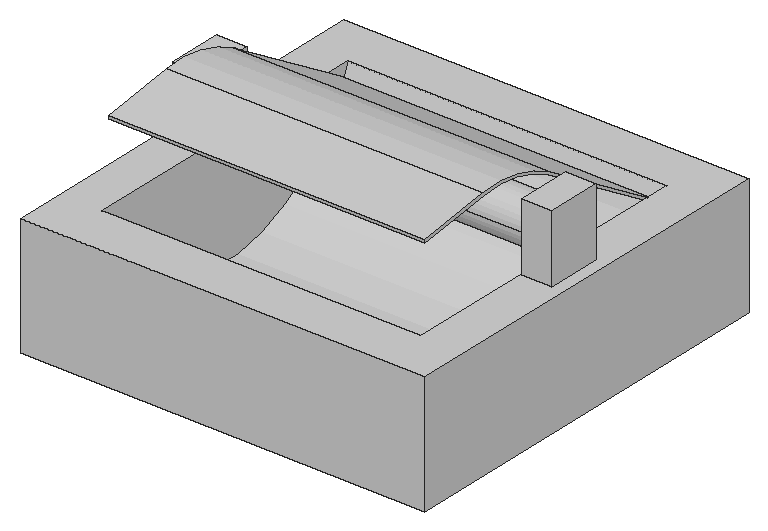
Revit family "ToiletPaperDispenser_Metlam_Single_Recessed", category Generic Models, host Face, Revit 2013
Parameters (values of type "Metlam Single Recessed - Hood / Satin")
  Width = 161 mm
  URL = "http://www.metlam.com.au/products/washroom/123"
  StyleOrType_ANZRS = "Sanitary Ware"
  Product Code = "ML 261 S"
  ModifiedIssue_ANZRS = 130318.01
  Model = "Single Recessed- Hood / Satin"
  Material Main = Stainless Steel, Satin
  Material Minor = PC/ABS Plastic
  Manufacturer = "Metlam"
  Keywords = "CAPACITY Dispenses one 1500 sheet roll"
  Hood = yes
  Height = 161 mm
  FilterObject_ANZRS = "Toilet Paper Dispenser"
  Description = "Stainless Steel Toilet Paper Dispenser"
  Depth = 75 mm
  Default Elevation = 1219.2 mm
  CreatedBy_ANZRS = "RubySketch"
  CreatedByURL_ANZRS = "http://www.rubysketch.com/"
  CreatedByPhoneNo_ANZRS = "1300 844 728"
  Assembly Code = "E1090900"
Types (5, lengths in mm): name | Product Code | Model | Material Main | Hood
  (no name) | "ML 261 S" | "Single Recessed- Hood / Satin" | Stainless Steel, Satin | yes
  Metlam Single Recessed - no Hood / Satin | "ML 260" | "Single Recessed - no Hood / Satin" | Stainless Steel, Satin | no
  Metlam Single Recessed - no Hood / Bright | "ML 260 B" | "Single Recessed - no Hood / Bright" | Stainless Steel, Polished | no
  Metlam Single Recessed - Hood / Satin | "ML 261 S" | "Single Recessed- Hood / Satin" | Stainless Steel, Satin | yes
  Metlam Single Recessed - Hood / Bright | "ML 261 B" | "Single Recessed - Hood / Bright" | Stainless Steel, Polished | yes
Reference planes
  plane 1 "Center (Front/Back)": y = 0
  plane 2: z = 0
  plane 3 "Center (Left/Right)": x = 0
Forms (mm)
  Extrusion 1, solid, material "Stainless Steel, Satin" <- "Material Main", detail levels fine
    sketch origin (0, 0, 0) x (1, 0, 0) y (0, 1, 0)
      loop
        line (-80.5, -80.5) -> (80.5, -80.5) -> (80.5, 80.5) -> (-80.5, 80.5) -> (-80.5, -80.5)
    from 0 to -48
  Extrusion 2, void
    sketch origin (0, 0, -48) x (0, 1, 0) y (0, 0, 1)
      loop
        circle (0, 67) r 64
    from -63.5 to 63.5
  Extrusion 3, solid, material "Stainless Steel, Satin" <- "Material Main", detail levels fine
    sketch origin (0, 0, 0) x (1, 0, 0) y (0, 1, 0)
      loop
        line (-63.5, -11) -> (-63.5, 11) -> (-75.5, 11) -> (-75.5, -11) -> (-63.5, -11)
      loop
        line (63.5, -11) -> (75.5, -11) -> (75.5, 11) -> (63.5, 11) -> (63.5, -11)
    from 0 to 27
  Revolve 4, solid, material "Stainless Steel, Satin" <- "Material Main", detail levels fine
    sketch origin (0, 0, 13.5) x (-1, 0, 0) y (0, -1, 0)
      loop
        line (63.5, 0) -> (-63.5, 0) -> (-63.5, -9) -> (0, -9) -> (0, -10.5) -> (63.5, -10.5) -> (63.5, 0)
      axis (63.5, 0) -> (-63.5, 0)
    angle from 0 to 360
  Extrusion 5, solid, material "Stainless Steel, Satin" <- "Material Main", visible <- "Hood", detail levels fine
    sketch origin (0, 0, -48) x (0, -1, 0) y (0, 0, -1)
      loop
        line (-56.5, -45) -> (-3.5, -78)
        arc (-3.5, -78) -> (12.385, -84.399) -> (29.5, -85) r 49.478
        arc (29.5, -85) -> (43.998, -82.987) -> (58.5, -81) r 8179.705
        line (58.5, -81) -> (58.365, -80.009)
        arc (58.365, -80.009) -> (43.862, -81.996) -> (29.362, -84.01) r 8180.705
        arc (29.362, -84.01) -> (12.593, -83.421) -> (-2.971, -77.151) r 48.478
        line (-2.971, -77.151) -> (-55.971, -44.151) -> (-56.5, -45)
    from 63 to -63
  Extrusion 6, void
    sketch origin (0, 0, 0) x (1, 0, 0) y (0, 1, 0)
      loop
        line (-80.5, -80.5) -> (80.5, -80.5) -> (80.5, 80.5) -> (-80.5, 80.5) -> (-80.5, -80.5)
    from -48 to 0
Cuts and joins
  Extrusion 2 cuts Extrusion 1
  joined: Extrusion 3, Revolve 4
Lines and regions (mm)
  Masking region 1
    outline origin (0, 0, 0) x (1, 0, 0) y (0, 0, 1)
      loop
        line (-80.5, 0) -> (-80.5, -48) -> (80.5, -48) -> (80.5, 0) -> (-80.5, 0)
  Masking region 2
    outline origin (0, 0, 0) x (1, 0, 0) y (0, 0, 1)
      loop
        line (-75.5, 0) -> (-63.5, 0) -> (-63.5, 27) -> (-75.5, 27) -> (-75.5, 0)
      loop
        line (63.5, 0) -> (75.5, 0) -> (75.5, 27) -> (63.5, 27) -> (63.5, 0)
  Masking region 3
    outline origin (0, 0, -48) x (1, 0, 0) y (0, 0, 1)
      loop
        line (-63.5, 51) -> (0, 51) -> (0, 72) -> (-63.5, 72) -> (-63.5, 51)
  Masking region 4
    outline origin (0, 0, -48) x (1, 0, 0) y (0, 0, 1)
      loop
        line (0, 52.5) -> (63.5, 52.5) -> (63.5, 70.5) -> (0, 70.5) -> (0, 52.5)
  Masking region 5, visible <- "Hood"
    outline origin (0, 0, -48) x (1, 0, 0) y (0, 0, 1)
      loop
        line (63, 48) -> (63, 85.476) -> (-63, 85.476) -> (-63, 48) -> (63, 48)
Dimensions and locks
  equal spacing: Extrusion 1 sketch curve, plane 1 "Center (Front/Back)", Extrusion 1 sketch curve
  equal spacing: Extrusion 1 sketch curve, plane 3 "Center (Left/Right)", Extrusion 1 sketch curve
  "Height": Extrusion 1 sketch curve to Extrusion 1 sketch curve
  "Width": Extrusion 1 sketch curve to Extrusion 1 sketch curve
  aligned and locked: plane 2 to host face
  aligned and locked: level to host face
  aligned and locked: Masking region 1 sketch curve to cut or joined group of Extrusion 1, Extrusion 2  (x2)
  aligned and locked: cut or joined group of Extrusion 1, Extrusion 2 to Masking region 1 sketch curve  (x2)
  aligned and locked: Masking region 2 sketch curve to cut or joined group of Extrusion 3, Revolve 4  (x5)
  aligned and locked: cut or joined group of Extrusion 3, Revolve 4 to Masking region 2 sketch curve
  aligned and locked: Masking region 2 sketch curve to cut or joined group of Extrusion 1, Extrusion 2
  aligned and locked: Masking region 3 sketch curve to cut or joined group of Extrusion 3, Revolve 4  (x2)
  aligned and locked: Masking region 4 sketch curve to cut or joined group of Extrusion 3, Revolve 4  (x2)
Automatic sketch dimensions
  host sketch curve to host sketch curve = 2437.456 mm
  host sketch curve to host sketch curve = 2438.4 mm
  Extrusion 2 sketch curve to plane 1 "Center (Front/Back)" = 0 mm
  level to Extrusion 2 sketch curve = 19 mm
  plane 1 "Center (Front/Back)" to Extrusion 3 sketch curve = 11 mm  (x2)
  Extrusion 3 sketch curve to plane 3 "Center (Left/Right)" = 75.5 mm
  Extrusion 3 sketch curve to Extrusion 3 sketch curve = 12 mm  (x2)
  plane 3 "Center (Left/Right)" to Extrusion 3 sketch curve = 63.5 mm
  Extrusion 3 sketch curve to plane 1 "Center (Front/Back)" = 11 mm  (x2)
  plane 1 "Center (Front/Back)" to Revolve 4 sketch curve = 0 mm  (x2)
  Revolve 4 sketch curve to plane 3 "Center (Left/Right)" = 0 mm
  Revolve 4 sketch curve to plane 1 "Center (Front/Back)" = 10.5 mm
  Revolve 4 sketch curve to plane 1 "Center (Front/Back)" = 9 mm
  plane 3 "Center (Left/Right)" to Revolve 4 sketch curve = 63.5 mm
  Revolve 4 sketch curve to Revolve 4 sketch curve = 63.5 mm
  plane 3 "Center (Left/Right)" to Revolve 4 sketch curve = 11.982 mm
  Revolve 4 sketch curve to Revolve 4 sketch curve = 17.791 mm
  level to Masking region 3 sketch curve = 3 mm
  Masking region 3 sketch curve to Masking region 3 sketch curve = 21 mm
  level to Masking region 4 sketch curve = 4.5 mm
  Masking region 4 sketch curve to Masking region 4 sketch curve = 18 mm
  Extrusion 5 sketch curve to Extrusion 5 sketch curve = 0 mm  (x6)
  plane 1 "Center (Front/Back)" to Extrusion 5 sketch curve = 56.5 mm
  level to Extrusion 5 sketch curve = 3.849 mm
  Extrusion 5 sketch curve to Extrusion 5 sketch curve = 0.529 mm  (x2)
  plane 1 "Center (Front/Back)" to Extrusion 5 sketch curve = 3.5 mm
  Extrusion 5 sketch curve to plane 1 "Center (Front/Back)" = 58.365 mm
  Extrusion 5 sketch curve to Extrusion 5 sketch curve = 0.135 mm
  Extrusion 5 sketch curve to plane 1 "Center (Front/Back)" = 22.652 mm
  Extrusion 5 sketch curve to Extrusion 5 sketch curve = 29.004 mm
  Extrusion 5 sketch curve to Extrusion 5 sketch curve = 0.138 mm
  Extrusion 5 sketch curve to plane 1 "Center (Front/Back)" = 1161.652 mm
  Extrusion 5 sketch curve to Extrusion 5 sketch curve = 0.849 mm
  Masking region 5 sketch curve to plane 3 "Center (Left/Right)" = 63 mm
  level to Masking region 5 sketch curve = 0 mm
  plane 3 "Center (Left/Right)" to Masking region 5 sketch curve = 63 mm
  Masking region 5 sketch curve to Masking region 5 sketch curve = 37.476 mm
  Extrusion 6 sketch curve to plane 3 "Center (Left/Right)" = 80.5 mm
  plane 1 "Center (Front/Back)" to Extrusion 6 sketch curve = 80.5 mm
  plane 3 "Center (Left/Right)" to Extrusion 6 sketch curve = 80.5 mm
  Extrusion 6 sketch curve to plane 1 "Center (Front/Back)" = 80.5 mm
  Masking region 2 sketch curve to level = 0 mm
  radius of Extrusion 2 sketch curve = 64 mm
